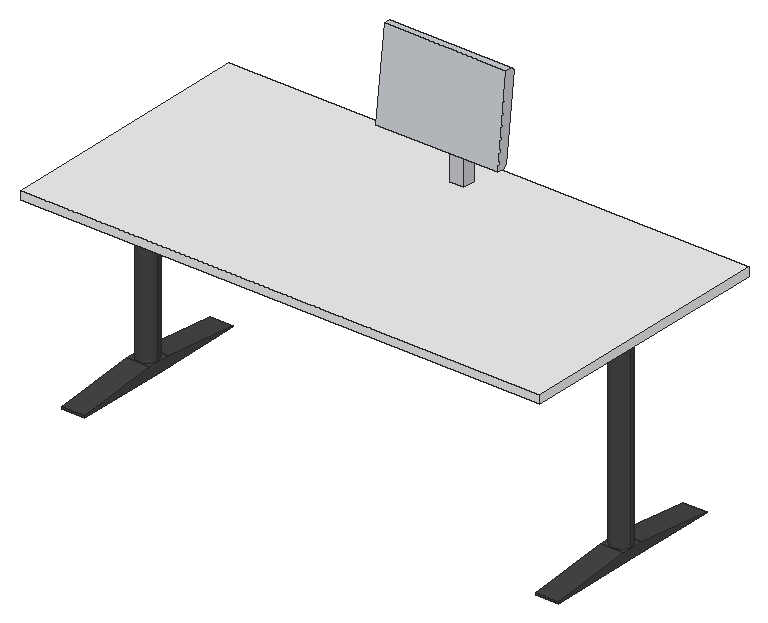
Revit family "Office Desk 2", category Furniture, Revit 2015
Parameters (values of type "180x90")
  Screen [instance] = yes
  Material Plate [instance] = White
  Material Base [instance] = Stainless Steel
  Height = 720 mm
  Divider [instance] = no
  Depth = 900 mm
  Width = 1800 mm
  Assembly Code = ""
Types (3, lengths in mm): name | Depth | Width
  160x80cm | 800 | 1600
  180x90 | 900 | 1800
  180x80cm | 800 | 1600
Reference planes
  plane 1 "Center (Front/Back)": y = 0
  plane 2: z = 0
  plane 3 "Center (Left/Right)": x = -190
  plane 4 "Tableheight": z = 720
  plane 5 "Left": x = -1090
  plane 6: x = 710
  plane 7: y = 450
  plane 8: y = -450
  plane 9: x = -1010
  plane 10: x = 630
Forms (mm)
  Extrusion 1, solid, material "White" <- "Material Plate"
    sketch origin (48.853, -30.184, 720) x (-1, 0, 0) y (0, -1, 0)
      loop
        line (1138.853, 419.816) -> (-661.147, 419.816) -> (-661.147, -480.184) -> (1138.853, -480.184) -> (1138.853, 419.816)
    from 0 to -30
  Extrusion 2, solid, material "Stainless Steel" <- "Material Base"
    sketch origin (-1000, 1.534, 0) x (0, 1, 0) y (0, 0, 1)
      loop
        line (40, 35) -> (-40, 35) -> (-321.534, 5.732) -> (-321.534, 0) -> (0, 0) -> (318.466, 0) -> (318.466, 5.732) -> (40, 35)
    from -50 to 30
  Extrusion 3, solid, material "Stainless Steel" <- "Material Base"
    sketch origin (-300, 0, 0) x (1, 0, 0) y (0, 1, 0)
      loop
        circle (-710, 0) r 35
    from 35 to 690
  Extrusion 4, solid, material "Stainless Steel" <- "Material Base"
    sketch origin (520, 0, 0) x (0, -1, 0) y (0, 0, 1)
      loop
        line (-40, 35) -> (-318.466, 5.732) -> (-318.466, 0) -> (0, 0) -> (318.466, 0) -> (318.466, 5.732) -> (40, 35) -> (-40, 35)
    from -150 to -70
  Extrusion 5, solid, material "Stainless Steel" <- "Material Base"
    sketch origin (-180, 0, 0) x (-1, 0, 0) y (0, -1, 0)
      loop
        circle (-810, 0) r 35
    from 35 to 690
Dimensions and locks
  "Width": plane 5 "Left" to plane 6
  equal spacing: plane 5 "Left", plane 3 "Center (Left/Right)", plane 6
  "Depth": plane 7 to plane 8
  equal spacing: Extrusion 2, plane 9, Extrusion 2, locked at 40 each
  locked: plane 5 "Left" to plane 9 at 80
  equal spacing: Extrusion 4, plane 10, Extrusion 4, locked at 40 each
  locked: plane 10 to plane 6 at 80
  equal spacing: Extrusion 2, plane 1 "Center (Front/Back)", Extrusion 2
  equal spacing: plane 7, plane 1 "Center (Front/Back)", plane 8
  locked: plane 7 to nested 1 at 180
  "Height": plane 4 "Tableheight" to level
  aligned: plane 5 "Left" to Extrusion 1
  aligned and locked: plane 6 to Extrusion 1
  aligned: Extrusion 1 to plane 5 "Left"
  aligned and locked: Extrusion 1 to plane 6
  aligned and locked: plane 7 to Extrusion 1
  aligned and locked: Extrusion 1 to plane 8
  aligned and locked: Extrusion 1 to plane 5 "Left"
  aligned and locked: plane 3 "Center (Left/Right)" to nested 1
  aligned and locked: Extrusion 5 to Extrusion 1
  aligned and locked: Extrusion 3 to Extrusion 1
  aligned and locked: Extrusion 1 to nested 1
Automatic sketch dimensions
  Extrusion 2 sketch curve to Extrusion 2 sketch curve = 281.534 mm
  Extrusion 2 sketch curve to Extrusion 2 sketch curve = 40 mm  (x2)
  Extrusion 2 sketch curve to Extrusion 2 sketch curve = 278.466 mm
  Extrusion 2 sketch curve to Extrusion 2 sketch curve = 5.732 mm  (x2)
  Extrusion 2 sketch curve to Extrusion 2 sketch curve = 35 mm
  Extrusion 4 sketch curve to Extrusion 4 sketch curve = 278.466 mm  (x2)
  Extrusion 4 sketch curve to Extrusion 4 sketch curve = 40 mm  (x2)
  Extrusion 4 sketch curve to Extrusion 4 sketch curve = 5.732 mm  (x2)
  Extrusion 4 sketch curve to Extrusion 4 sketch curve = 35 mm
  Extrusion 1 sketch curve to plane 6 = 0 mm
  plane 5 "Left" to Extrusion 1 sketch curve = 0 mm
  plane 7 to Extrusion 1 sketch curve = 0 mm
  Extrusion 1 sketch curve to plane 8 = 0 mm
  Extrusion 2 sketch curve to level = 0 mm
  Extrusion 2 sketch curve to plane 1 "Center (Front/Back)" = 1.534 mm
  plane 1 "Center (Front/Back)" to Extrusion 3 sketch curve = 0 mm
  Extrusion 3 sketch curve to plane 9 = 0 mm
  Extrusion 4 sketch curve to level = 0 mm
  Extrusion 4 sketch curve to plane 1 "Center (Front/Back)" = 0 mm
  plane 1 "Center (Front/Back)" to Extrusion 5 sketch curve = 0 mm
  Extrusion 5 sketch curve to plane 10 = 0 mm
  radius of Extrusion 3 sketch curve = 35 mm
  radius of Extrusion 5 sketch curve = 35 mm
Nested families
  nested 1: "Computerscreen" at (-190, 270, 0), visible <- "Screen", type "Computerscreen"
    with table height 720 mm
Definition of nested family "Computerscreen"
  Parameters
    table height [instance] = 720 mm
    material = none
  Reference planes
    plane 1 "Center (Front/Back)": y = 0
    plane 2: z = 0
    plane 3 "Center (Left/Right)": x = 0
    plane 4 "Table height": z = 720
  Forms (mm)
    Extrusion 1, solid
      sketch origin (-25, 0, 0) x (0, 1, 0) y (0, 0, 1)
        loop
          line (0, 1027.5) -> (0, 975.179) -> (12.755, 975.179)
          arc (12.755, 975.179) -> (17.084, 974.704) -> (21.208, 973.305) r 20
          line (21.208, 973.305) -> (32.831, 967.885)
          arc (32.831, 967.885) -> (41.246, 960.505) -> (44.378, 949.759) r 20
          line (44.378, 949.759) -> (44.378, 720) -> (84.378, 720) -> (84.378, 989.401)
          arc (84.378, 989.401) -> (81.246, 1000.147) -> (72.831, 1007.528) r 20
          line (72.831, 1007.528) -> (34.018, 1025.626)
          arc (34.018, 1025.626) -> (29.895, 1027.026) -> (25.566, 1027.5) r 20
          line (25.566, 1027.5) -> (0, 1027.5)
      from 0 to 50
    Extrusion 2, solid
      sketch origin (-210, -128.635, -30.513) x (0, 0.992546, -0.121869) y (0, 0.121869, 0.992546)
        loop
          line (-25, 1205.68) -> (-25, 904.467) -> (0, 904.467) -> (10.607, 915.074) -> (10.607, 1195.074) -> (0, 1205.68) -> (-25, 1205.68)
      from 0 to 420
  Dimensions and locks
    "table height": plane 4 "Table height" to level
    aligned: plane 4 "Table height" to Extrusion 1 sketch curve
  Automatic sketch dimensions
    plane 1 "Center (Front/Back)" to Extrusion 2 sketch curve = 43.222 mm
    plane 4 "Table height" to Extrusion 2 sketch curve = 150.259 mm
    Extrusion 2 sketch curve to Extrusion 2 sketch curve = 25 mm  (x2)
    Extrusion 2 sketch curve to Extrusion 2 sketch curve = 10.607 mm  (x3)
    Extrusion 2 sketch curve to Extrusion 2 sketch curve = 280 mm
    Extrusion 1 sketch curve to plane 1 "Center (Front/Back)" = 0 mm
    Extrusion 1 sketch curve to plane 4 "Table height" = 0 mm
    Extrusion 1 sketch curve to Extrusion 1 sketch curve = 12.755 mm
    Extrusion 1 sketch curve to Extrusion 1 sketch curve = 8.452 mm  (x3)
    Extrusion 1 sketch curve to Extrusion 1 sketch curve = 11.623 mm  (x2)
    Extrusion 1 sketch curve to Extrusion 1 sketch curve = 25.566 mm
    Extrusion 1 sketch curve to plane 1 "Center (Front/Back)" = 44.378 mm
    Extrusion 1 sketch curve to Extrusion 1 sketch curve = 31.548 mm
    Extrusion 1 sketch curve to Extrusion 1 sketch curve = 40 mm
    plane 4 "Table height" to Extrusion 1 sketch curve = 229.759 mm
    Extrusion 1 sketch curve to Extrusion 1 sketch curve = 5.42 mm  (x2)
    Extrusion 1 sketch curve to Extrusion 1 sketch curve = 21.517 mm
    Extrusion 1 sketch curve to Extrusion 1 sketch curve = 34.195 mm
    Extrusion 1 sketch curve to Extrusion 1 sketch curve = 18.126 mm
